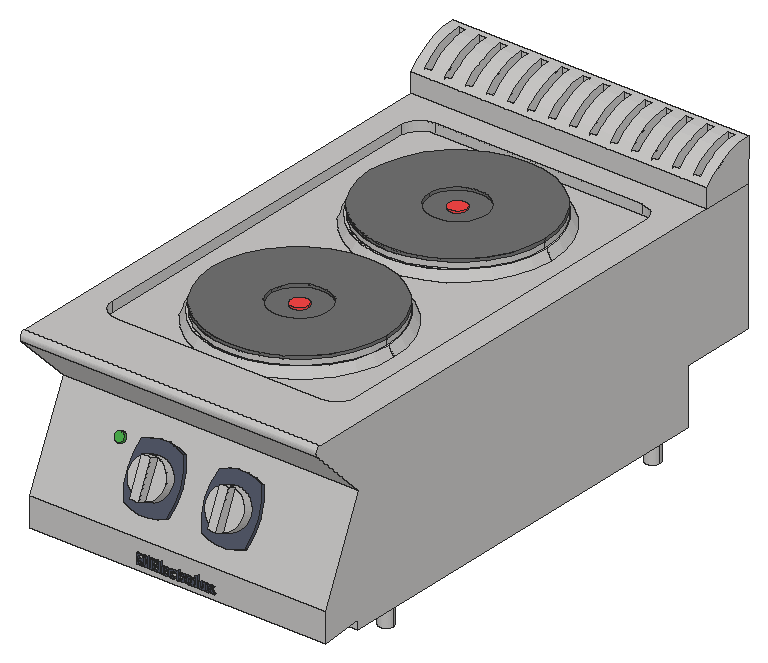
Revit family "QF_ELECTROLUXPROFESSIONAL_371126_E7ECED2R0N", category Specialty Equipment, Revit 2018 (continued)
Definition of nested family "371126_QF_Electrolux_HOT PLATES"
  Parameters
    Revision Code [instance] = ""
    Omniclass Number and Title = ""
    NAFEM Spec ID Number = ""
    Model = ""
    Masterspec = ""
    Manufacturer = ""
    Item Number [instance] = ""
    Installed By [instance] = ""
    Identify Quantity as Lot [instance] = yes
    Height = 23 mm  # constant formula
    Furnished By [instance] = ""
    Foodservice Equipment Identifier [instance] = yes
    Description = ""
    Depth = 255 mm  # constant formula
    CSI MasterFormat = ""
    CSI Master Format = ""
    Assembly Code = ""
  Reference planes
    plane 1 "BACK": y = 0
    plane 2: z = 0
    plane 3 "LEFT": x = 0
    plane 4 "RIGHT": x = 255
    plane 5 "FRONT": y = -255
    plane 6 "TOP": z = 23
    plane 7 "Center Y": x = 127.5
    plane 8 "Center X": y = -127.5
  Forms (mm)
    Extrusion 1, solid
      sketch origin (-72.525, 113.875, 19.181) x (1, 0, 0) y (0, 1, 0)
        loop
          circle (200.025, -241.375) r 117.925
        loop
          circle (200.025, -241.375) r 38.208
      from 0 to 3.819
    Extrusion 2, solid
      sketch origin (-72.525, 113.875, 19.181) x (1, 0, 0) y (0, 1, 0)
        loop
          circle (200.025, -241.375) r 11.669
      from 0 to 1.964
    Extrusion 3, solid
      sketch origin (-72.525, 113.875, 12.7) x (1, 0, 0) y (0, 1, 0)
        loop
          circle (200.025, -241.375) r 38.208
      from 0 to 6.481
    Blend 4, solid
      base sketch origin (-72.525, 113.875, 0) x (1, 0, 0) y (0, 1, 0)
        loop
          circle (200.025, -241.375) r 127.548
      top sketch origin (-72.525, 113.875, 0) x (1, 0, 0) y (0, 1, 0)
        loop
          circle (200.025, -241.375) r 120.402
      from 0 to 11.731
    Extrusion 5, solid
      sketch origin (-72.525, 113.875, 11.731) x (1, 0, 0) y (0, 1, 0)
        loop
          circle (200.025, -241.375) r 117.925
        loop
          circle (200.025, -241.375) r 39.808
      from 0 to 7.45
  Lines and regions (mm)
    symbolic lines
      curve 1: circle (127.5, -127.5, 0) r 11.669 normal (0, 0, 1)
      curve 2: circle (127.5, -127.5, 0) r 38.208 normal (0, 0, 1)
      curve 3: circle (127.5, -127.5, 0) r 120.402 normal (0, 0, 1)
      curve 4: circle (127.5, -127.5, 0) r 127.548 normal (0, 0, 1)
  Dimensions and locks
    equal spacing: plane 3 "LEFT", plane 7 "Center Y", plane 4 "RIGHT"
    "Width": plane 3 "LEFT" to plane 4 "RIGHT"
    equal spacing: plane 5 "FRONT", plane 8 "Center X", plane 1 "BACK"
    "Depth": plane 5 "FRONT" to plane 1 "BACK"
    plane 1 "BACK" to plane 5 "FRONT" = 255 mm
    "Height": plane 6 "TOP" to level
    aligned and locked: level to plane 2
  Automatic sketch dimensions
    Extrusion 3 sketch curve to plane 7 "Center Y" = 0 mm
    Extrusion 3 sketch curve to plane 8 "Center X" = 0 mm
    Blend 4 sketch curve to plane 7 "Center Y" = 0 mm  (x2)
    Blend 4 sketch curve to plane 8 "Center X" = 0 mm  (x2)
    curve 1 to curve 2 = 0 mm  (x2)
    curve 1 to curve 3 = 0 mm  (x2)
    curve 1 to curve 4 = 0 mm  (x2)
    curve 2 to curve 3 = 0 mm  (x2)
    curve 2 to curve 4 = 0 mm  (x2)
    curve 3 to curve 4 = 0 mm  (x2)
    curve 2 to plane 7 "Center Y" = 0 mm
    curve 2 to plane 8 "Center X" = 0 mm
    radius of Extrusion 1 sketch curve to Extrusion 5 = 0 mm
    radius of Extrusion 1 sketch curve to Extrusion 5 = 1.6 mm
    radius of Extrusion 2 sketch curve to Extrusion 3 = 26.539 mm
    radius of Extrusion 3 sketch curve = 38.208 mm
    radius of Blend 4 sketch curve = 127.548 mm
    radius of Blend 4 sketch curve = 120.402 mm
    radius of Extrusion 5 sketch curve to Blend 4 = 2.478 mm
    radius of Extrusion 5 sketch curve to Blend 4 = 80.594 mm
    radius of curve 1 = 11.669 mm
    radius of curve 2 = 38.208 mm
    radius of curve 3 = 120.402 mm
    radius of curve 4 = 127.548 mm
